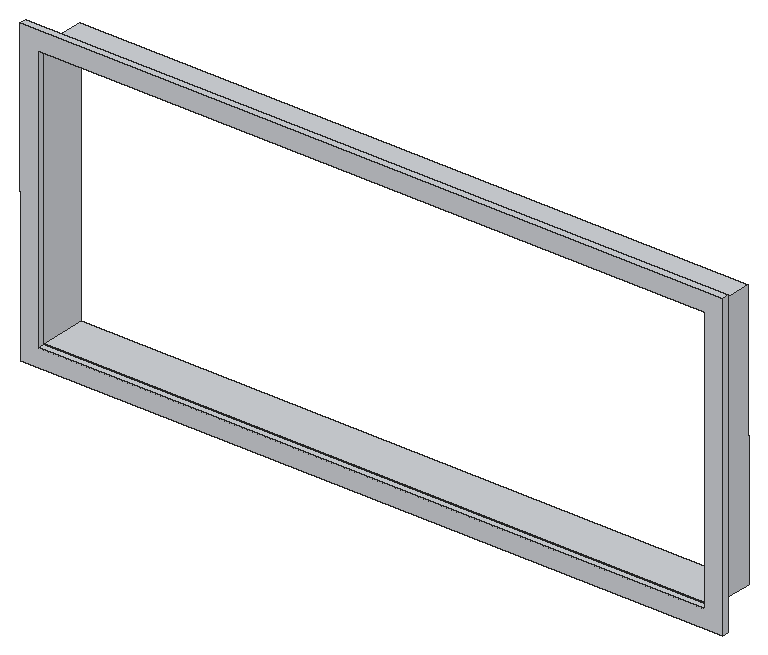
Revit family
Parameters
  URL = "http://www.anemostat.com"
  Opposed Blade Damper = no
  Model = "Airline"
  Manufacturer = "Anemostat"
  Overall Width = Grille Width User Defined + 9/16"  # 24 9/16"
  Overall Height = Grille Height User Defined + 9/16"  # 10 9/16"
  Grille Width User Defined = 24"
  Grille Height User Defined = 10"
  Back of Grille = if(Opposed Blade Damper, 3 7/8", 1 5/8")  # 1 5/8"
Reference planes (in)
  plane 1 "Center (Front/Back)": y = 0
  plane 2: z = 0
  plane 3 "Center (Left/Right)": x = 0
  plane 4: x = -12.28125
  plane 5: x = 12.28125
  plane 6: z = 10.5625
  plane 7 "Back of Grille": y = 1.625
Forms (in)
  Sweep 1, solid
    path origin (0, 0, 0) x (1, 0, 0) y (0, 0, 1)
      loop
        line (12.28125, 0) -> (12.28125, 10.5625) -> (-12.28125, 10.5625) -> (-12.28125, 0) -> (12.28125, 0)
    profile origin (0, 0, 0) x (0, 0, -1) y (0, -1, 0)
      loop
        line (0, 0.237) -> (-0.63, 0.237) -> (-0.63, 0) -> (-0.585, 0) -> (-0.585, 0.187) -> (-0.055, 0.187) -> (-0.055, 0) -> (0, 0) -> (0, 0.237)
  Extrusion 2, solid
    sketch origin (0, 0, 0) x (1, 0, 0) y (0, 0, 1)
      loop
        line (11.69625, 9.9775) -> (-11.69625, 9.9775) -> (-11.69625, 0.585) -> (11.69625, 0.585) -> (11.69625, 9.9775)
    from 0 to -1.625 <- "Back of Grille"
  Extrusion 3, void
    sketch origin (0, 0, 0) x (1, 0, 0) y (0, 0, 1)
      loop
        line (11.65125, 9.9325) -> (-11.65125, 9.9325) -> (-11.65125, 0.63) -> (11.65125, 0.63) -> (11.65125, 9.9325)
    from 0 to -1.625 <- "Back of Grille"
Cuts and joins
  Extrusion 3 cuts Sweep 1
  Extrusion 3 cuts Extrusion 2
Dimensions and locks (in)
  equal spacing: plane 5, plane 3 "Center (Left/Right)", plane 4
  "Overall Width": plane 5 to plane 4
  "Overall Height": plane 6 to level
  "Back of Grille": plane 7 "Back of Grille" to plane 1 "Center (Front/Back)"
  aligned and locked: plane 5 to Sweep 1 sketch curve
  aligned and locked: level to Sweep 1 sketch curve
  aligned and locked: plane 6 to Sweep 1 sketch curve
  aligned and locked: plane 4 to Sweep 1 sketch curve
  aligned and locked: Sweep 1 to plane 1 "Center (Front/Back)"
  aligned and locked: Sweep 1 to plane 2
  aligned and locked: Extrusion 2 sketch curve to Sweep 1  (x4)
  aligned and locked: Extrusion 2 to plane 7 "Back of Grille"
  aligned and locked: Extrusion 3 sketch curve to Sweep 1  (x3)
  aligned and locked: Sweep 1 to Extrusion 3 sketch curve
  aligned and locked: Extrusion 3 to plane 7 "Back of Grille"
Automatic sketch dimensions
  Sweep 1 sketch curve to plane 4 = 0"
  Sweep 1 sketch curve to plane 1 "Center (Front/Back)" = 0"  (x2)
  Sweep 1 sketch curve to profile plane = 0"
  profile plane to Sweep 1 sketch curve = 0.055"
  Sweep 1 sketch curve to Sweep 1 sketch curve = 0.53"
  Sweep 1 sketch curve to Sweep 1 sketch curve = 0.045"
  Sweep 1 sketch curve to Sweep 1 sketch curve = 0.187"
  Sweep 1 sketch curve to Sweep 1 sketch curve = 0.05"
